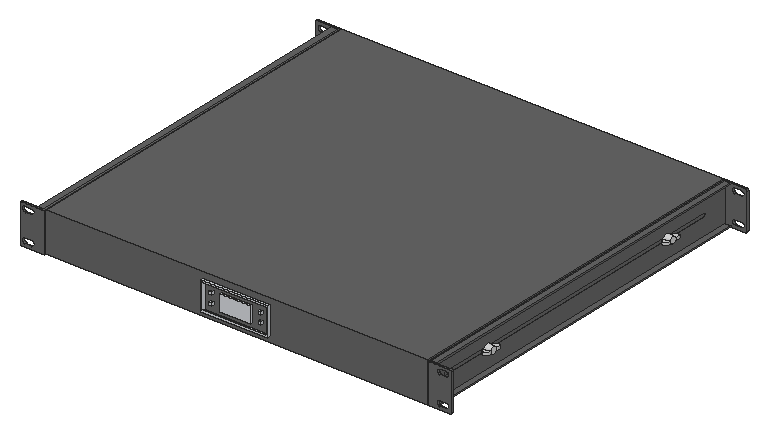
Revit family "Eurolan_Вентиляторная панель 19 1U с контроллером", category Устройства связи, Revit 2019 (continued)
Definition of nested family "Вентиляторная панель 19 1U 6 вентиляторов"
  Automatic sketch dimensions
    curve 141 to curve 145 = 1.873 mm
    curve 309 to curve 314 = 1.873 mm
    curve 143 to curve 171 = 1.873 mm
    curve 147 to curve 151 = 5.217 mm
    curve 339 to curve 341 = 5.217 mm
    curve 169 to curve 173 = 5.217 mm
    curve 315 to curve 319 = 5.217 mm
    curve 311 to curve 312 = 16.464 mm
    curve 146 to curve 141 = 14.591 mm
    curve 149 to curve 133 = 10.7 mm
    curve 173 to curve 164 = 10.7 mm
    curve 343 to curve 329 = 10.7 mm
    curve 319 to curve 301 = 10.7 mm
    curve 310 to curve 340 = 2.368 mm
    curve 319 to curve 313 = 11.741 mm
    curve 151 to curve 145 = 11.741 mm
    curve 174 to curve 169 = 11.741 mm
    curve 136 to curve 149 = 9.345 mm
    curve 330 to curve 341 = 9.345 mm
    curve 162 to curve 173 = 9.345 mm
    curve 316 to curve 320 = 8.304 mm
    curve 161 to curve 168 = 27.246 mm
    curve 329 to curve 336 = 27.246 mm
    curve 133 to curve 137 = 27.246 mm
    curve 304 to curve 308 = 27.246 mm
    curve 137 to curve 137 = 21.497 mm
    curve 168 to curve 167 = 21.497 mm
    curve 336 to curve 335 = 21.497 mm
    curve 308 to curve 307 = 21.497 mm
    curve 166 to curve 157 = 17.626 mm
    curve 306 to curve 297 = 17.626 mm
    curve 138 to curve 129 = 17.626 mm
    curve 335 to curve 326 = 17.626 mm
    curve 300 to curve 296 = 8.304 mm
    curve 130 to curve 128 = 8.304 mm
    curve 160 to curve 156 = 8.304 mm
    curve 326 to curve 324 = 8.304 mm
    curve 160 to curve 161 = 9.113 mm
    curve 325 to curve 330 = 9.113 mm
    curve 300 to curve 303 = 9.113 mm
    curve 129 to curve 135 = 9.113 mm
    curve 128 to curve 121 = 2.368 mm
    curve 322 to curve 292 = 2.368 mm
    curve 324 to curve 326 = 11.741 mm
    curve 302 to curve 297 = 10.932 mm
    curve 162 to curve 157 = 10.932 mm
    curve 135 to curve 131 = 10.932 mm
    curve 298 to curve 295 = 5.217 mm
    curve 158 to curve 155 = 5.217 mm
    curve 327 to curve 322 = 5.217 mm
    curve 130 to curve 127 = 5.217 mm
    curve 322 to curve 290 = 1.873 mm
    curve 154 to curve 123 = 1.873 mm
    plane 1 "По центру (Вперед/Назад)" to Extrusion 9 sketch curve = 0 mm
    Extrusion 9 sketch curve to plane 4 = 0 mm
    Extrusion 9 sketch curve to plane 5 = 0 mm
    plane 8 to Extrusion 9 sketch curve = 8.499 mm
    plane 1 "По центру (Вперед/Назад)" to Extrusion 10 sketch curve = 0 mm  (x2)
    Extrusion 10 sketch curve to plane 4 = 0 mm
    Extrusion 10 sketch curve to plane 8 = 0 mm
    Extrusion 10 sketch curve to plane 5 = 0 mm
    Extrusion 10 sketch curve to plane 1 "По центру (Вперед/Назад)" = 1.5 mm  (x2)
    plane 4 to Extrusion 10 sketch curve = 25.687 mm
    Extrusion 10 sketch curve to Extrusion 10 sketch curve = 1.496 mm  (x2)
    Extrusion 10 sketch curve to Extrusion 10 sketch curve = 27.183 mm
    Extrusion 10 sketch curve to plane 1 "По центру (Вперед/Назад)" = 0.843 mm
    Extrusion 10 sketch curve to Extrusion 10 sketch curve = 8.989 mm  (x2)
    plane 1 "По центру (Вперед/Назад)" to Extrusion 11 sketch curve = 2.287 mm
    Extrusion 11 sketch curve to plane 3 "По центру (Влево/Вправо)" = 37.5 mm
    plane 3 "По центру (Влево/Вправо)" to Extrusion 11 sketch curve = 37.5 mm
    Extrusion 11 sketch curve to plane 1 "По центру (Вперед/Назад)" = 0.843 mm
    Extrusion 12 sketch curve to level = 10 mm
    Extrusion 12 sketch curve to plane 5 = 87.631 mm
    Extrusion 12 sketch curve to Extrusion 12 sketch curve = 35 mm
    Extrusion 12 sketch curve to plane 6 = 10.157 mm
    Extrusion 13 sketch curve to plane 4 = 0 mm
    plane 8 to Extrusion 13 sketch curve = 0.843 mm
    Extrusion 13 sketch curve to plane 5 = 0 mm
    plane 8 to Extrusion 13 sketch curve = 1.5 mm  (x2)
    Extrusion 13 sketch curve to plane 4 = 25.687 mm
    Extrusion 13 sketch curve to plane 8 = 0 mm  (x2)
    Extrusion 13 sketch curve to Extrusion 13 sketch curve = 1.496 mm  (x2)
    Extrusion 13 sketch curve to Extrusion 13 sketch curve = 27.183 mm
    Extrusion 13 sketch curve to Extrusion 13 sketch curve = 8.989 mm  (x2)
    plane 1 "По центру (Вперед/Назад)" to Extrusion 13 sketch curve = 0 mm
    plane 7 to curve 6 = 4.325 mm
    curve 1 to curve 2 = 2 mm  (x2)
    plane 4 to curve 7 = 7.5 mm
    curve 7 to curve 8 = 2 mm  (x2)
    curve 8 to curve 7 = 2 mm  (x2)
    curve 2 to curve 1 = 2 mm  (x2)
    curve 3 to plane 5 = 11.713 mm
    curve 5 to curve 6 = 2 mm  (x2)
    curve 3 to curve 4 = 2 mm  (x2)
    curve 4 to curve 3 = 2 mm  (x2)
    curve 6 to curve 5 = 2 mm  (x2)
    plane 7 to curve 2 = 4.325 mm
    curve 4 to plane 6 = 8.325 mm
    curve 8 to plane 6 = 8.325 mm
    radius of Extrusion 8 sketch curve = 5 mm
  Nested families
    nested 1: "Уши_для_вентилятора_6" at (-232.5, 0, 0), type "Уши_для_вентилятора_6"
    nested 2: "Уши_для_вентилятора_6" at (232.5, 0, 0) x (-1, 0, 0) z (0, 0, 1), type "Уши_для_вентилятора_6"
  Definition of nested family "Уши_для_вентилятора_6"
    Parameters (values of type "Уши_для_вентилятора_6")
      Центровка = 31.75 mm
      Длина = 415.6 mm
      Глубина = 414.1 mm
      ADSK_Материал = none
    Reference planes
      plane 1 "По центру (Вперед/Назад)": y = 0
      plane 2: z = 0
      plane 3 "По центру (Влево/Вправо)": x = 0
      plane 4: y = 415.6
    Forms (mm)
      Extrusion 1, solid, material <- "ADSK_Материал", detail levels fine
        sketch origin (0, 0, 0) x (1, 0, 0) y (0, 0, 1)
          loop
            arc (-3.413, -12.675) -> (-6.613, -15.875) -> (-3.413, -19.075) r 3.2
            line (-3.413, -19.075) -> (2.987, -19.075)
            arc (2.987, -19.075) -> (6.187, -15.875) -> (2.987, -12.675) r 3.2
            line (2.987, -12.675) -> (-3.413, -12.675)
          loop
            line (-9.713, 20.2) -> (-9.713, -20.2)
            arc (-9.713, -20.2) -> (-9.127, -21.614) -> (-7.713, -22.2) r 2
            line (-7.713, -22.2) -> (17.47, -22.2) -> (17.47, 22.2) -> (-7.713, 22.2)
            arc (-7.713, 22.2) -> (-9.127, 21.614) -> (-9.713, 20.2) r 2
          loop
            line (-3.413, 12.675) -> (2.987, 12.675)
            arc (2.987, 12.675) -> (6.187, 15.875) -> (2.987, 19.075) r 3.2
            line (2.987, 19.075) -> (-3.413, 19.075)
            arc (-3.413, 19.075) -> (-6.613, 15.875) -> (-3.413, 12.675) r 3.2
        from -1.498 to 0
      Extrusion 2, solid, material <- "ADSK_Материал", detail levels fine
        sketch origin (0, 0, 0) x (1, 0, 0) y (0, 0, 1)
          loop
            line (15.974, 22.2) -> (15.974, -22.2) -> (17.47, -22.2) -> (17.47, 22.2) -> (15.974, 22.2)
        from -414.1 to 0
      Extrusion 3, void
        sketch origin (0, 0, 0) x (0, 1, 0) y (0, 0, 1)
          loop
            arc (22.921, 2.634) -> (20.287, 0) -> (22.921, -2.634) r 2.634
            line (22.921, -2.634) -> (385.185, -2.634)
            arc (385.185, -2.634) -> (387.819, 0) -> (385.185, 2.634) r 2.634
            line (385.185, 2.634) -> (22.921, 2.634)
        from 15.974 to 17.47
      Extrusion 4, solid, material <- "ADSK_Материал", detail levels fine
        sketch origin (0, 414.1, 0) x (1, 0, 0) y (0, 0, -1)
          loop
            line (-3.413, 12.675) -> (2.987, 12.675)
            arc (2.987, 12.675) -> (6.187, 15.875) -> (2.987, 19.075) r 3.2
            line (2.987, 19.075) -> (-3.413, 19.075)
            arc (-3.413, 19.075) -> (-6.613, 15.875) -> (-3.413, 12.675) r 3.2
          loop
            arc (-9.713, -20.2) -> (-9.127, -21.614) -> (-7.713, -22.2) r 2
            line (-7.713, -22.2) -> (17.47, -22.2) -> (17.47, 22.2) -> (-7.713, 22.2)
            arc (-7.713, 22.2) -> (-9.127, 21.614) -> (-9.713, 20.2) r 2
            line (-9.713, 20.2) -> (-9.713, -20.2)
          loop
            arc (-3.413, -12.675) -> (-6.613, -15.875) -> (-3.413, -19.075) r 3.2
            line (-3.413, -19.075) -> (2.987, -19.075)
            arc (2.987, -19.075) -> (6.187, -15.875) -> (2.987, -12.675) r 3.2
            line (2.987, -12.675) -> (-3.413, -12.675)
        from 0 to 1.5
      Blend 5, solid, detail levels fine
        base sketch origin (0, 11.519, 0) x (0, 1, 0) y (0, 0, 1)
          loop
            circle (69.578, 0) r 5
        top sketch origin (0, 11.519, 0) x (0, 1, 0) y (0, 0, 1)
          loop
            circle (69.576, 0.057) r 3.328
        from 15.974 to 8.702
      Extrusion 6, solid, detail levels fine
        sketch origin (0, 0, 0) x (1, 0, 0) y (0, 1, 0)
          loop
            arc (14.25, 85.039) -> (10.561, 91.217) -> (10.204, 84.03) r 3.759
            line (10.204, 84.03) -> (14.25, 85.039)
          loop
            line (14.286, 77.295) -> (10.24, 78.304)
            arc (10.24, 78.304) -> (10.568, 71.002) -> (14.286, 77.295) r 3.813
        from -1.018 to 1.014
      Blend 7, solid, detail levels fine
        base sketch origin (0, 402.581, 0) x (0, -1, 0) y (0, 0, -1)
          loop
            circle (69.578, 0) r 5
        top sketch origin (0, 402.581, 0) x (0, -1, 0) y (0, 0, -1)
          loop
            circle (69.576, -0.057) r 3.328
        from 15.974 to 8.702
      Extrusion 8, solid, detail levels fine
        sketch origin (0, 414.1, 0) x (1, 0, 0) y (0, 1, 0)
          loop
            line (14.25, -85.039) -> (10.204, -84.03)
            arc (10.204, -84.03) -> (10.561, -91.217) -> (14.25, -85.039) r 3.759
          loop
            arc (14.286, -77.295) -> (10.568, -71.002) -> (10.24, -78.304) r 3.813
            line (10.24, -78.304) -> (14.286, -77.295)
        from -1.018 to 1.014
      Extrusion 9, solid, material <- "ADSK_Материал", detail levels fine
        sketch origin (0, 0, 0) x (1, 0, 0) y (0, 0, 1)
          loop
            line (8.733, 22.2) -> (8.733, 20.7) -> (17.47, 20.7) -> (17.47, 22.2) -> (8.733, 22.2)
          loop
            line (8.733, -22.2) -> (17.47, -22.2) -> (17.47, -20.7) -> (8.733, -20.7) -> (8.733, -22.2)
        from -414.1 to -1.498
    Cuts and joins
      Extrusion 3 cuts Extrusion 1
      Extrusion 3 cuts Extrusion 2
      joined: Extrusion 1, Extrusion 2
    Dimensions and locks
      "Глубина": cut or joined group of Extrusion 1, Extrusion 2, Extrusion 3 to plane 1 "По центру (Вперед/Назад)"
      cut or joined group of Extrusion 1, Extrusion 2, Extrusion 3 to cut or joined group of Extrusion 1, Extrusion 2, Extrusion 3 = 1.496 mm
      "Длина": plane 4 to plane 1 "По центру (Вперед/Назад)"
      aligned and locked: level to plane 2
      aligned and locked: Extrusion 2 to Extrusion 3
      aligned and locked: Blend 5 to cut or joined group of Extrusion 1, Extrusion 2, Extrusion 3
      aligned and locked: Extrusion 9 to cut or joined group of Extrusion 1, Extrusion 2, Extrusion 3
    Automatic sketch dimensions
      Extrusion 1 sketch curve to plane 3 "По центру (Влево/Вправо)" = 9.713 mm
      Extrusion 1 sketch curve to Extrusion 1 sketch curve = 2 mm  (x2)
      Extrusion 1 sketch curve to plane 3 "По центру (Влево/Вправо)" = 3.413 mm  (x2)
      plane 3 "По центру (Влево/Вправо)" to Extrusion 1 sketch curve = 2.987 mm  (x2)
      Extrusion 1 sketch curve to Extrusion 1 sketch curve = 14.483 mm
      Extrusion 1 sketch curve to level = 22.2 mm
      Extrusion 1 sketch curve to Extrusion 1 sketch curve = 1.125 mm  (x2)
      Extrusion 1 sketch curve to Extrusion 1 sketch curve = 3.2 mm  (x2)
      level to Extrusion 1 sketch curve = 12.675 mm
      plane 3 "По центру (Влево/Вправо)" to Extrusion 2 sketch curve = 15.974 mm
      Extrusion 2 sketch curve to Extrusion 2 sketch curve = 1.496 mm
      Extrusion 2 sketch curve to level = 22.2 mm
      level to Extrusion 2 sketch curve = 22.2 mm
      Extrusion 3 sketch curve to level = 0 mm
      level to Extrusion 3 sketch curve = 2.634 mm
      Extrusion 3 sketch curve to plane 1 "По центру (Вперед/Назад)" = 22.921 mm
      Extrusion 3 sketch curve to plane 4 = 30.415 mm
      Extrusion 4 sketch curve to plane 3 "По центру (Влево/Вправо)" = 9.713 mm
      Extrusion 4 sketch curve to Extrusion 4 sketch curve = 2 mm  (x2)
      Extrusion 4 sketch curve to plane 3 "По центру (Влево/Вправо)" = 3.413 mm  (x2)
      plane 3 "По центру (Влево/Вправо)" to Extrusion 4 sketch curve = 2.987 mm  (x2)
      Extrusion 4 sketch curve to Extrusion 4 sketch curve = 14.483 mm
      level to Extrusion 4 sketch curve = 22.2 mm
      Extrusion 4 sketch curve to Extrusion 4 sketch curve = 1.125 mm  (x2)
      Extrusion 4 sketch curve to Extrusion 4 sketch curve = 3.2 mm  (x2)
      Extrusion 4 sketch curve to level = 12.675 mm
      Blend 5 sketch curve to level = 0 mm
      Blend 5 sketch curve to plane 1 "По центру (Вперед/Назад)" = 81.096 mm
      level to Blend 5 sketch curve = 0.057 mm
      Blend 5 sketch curve to plane 1 "По центру (Вперед/Назад)" = 81.095 mm
      plane 3 "По центру (Влево/Вправо)" to Extrusion 6 sketch curve = 10.204 mm
      Extrusion 6 sketch curve to Extrusion 6 sketch curve = 0.036 mm
      Extrusion 6 sketch curve to Extrusion 6 sketch curve = 1.266 mm
      Extrusion 6 sketch curve to Extrusion 6 sketch curve = 1.251 mm
      Extrusion 6 sketch curve to Extrusion 6 sketch curve = 2.78 mm
      Extrusion 6 sketch curve to Extrusion 6 sketch curve = 2.795 mm
      Extrusion 6 sketch curve to plane 1 "По центру (Вперед/Назад)" = 74.702 mm
      Extrusion 6 sketch curve to Extrusion 6 sketch curve = 2.594 mm
      Extrusion 6 sketch curve to Extrusion 6 sketch curve = 5.726 mm
      Extrusion 6 sketch curve to Extrusion 6 sketch curve = 1.009 mm
      Blend 7 sketch curve to level = 0 mm
      plane 4 to Blend 7 sketch curve = 82.596 mm
      Blend 7 sketch curve to level = 0.057 mm
      plane 4 to Blend 7 sketch curve = 82.595 mm
      Extrusion 8 sketch curve to plane 3 "По центру (Влево/Вправо)" = 10.204 mm
      Extrusion 8 sketch curve to Extrusion 8 sketch curve = 0.036 mm
      Extrusion 8 sketch curve to Extrusion 8 sketch curve = 1.266 mm
      Extrusion 8 sketch curve to Extrusion 8 sketch curve = 1.251 mm
      Extrusion 8 sketch curve to Extrusion 8 sketch curve = 2.78 mm
      Extrusion 8 sketch curve to Extrusion 8 sketch curve = 2.795 mm
      plane 4 to Extrusion 8 sketch curve = 76.202 mm
      Extrusion 8 sketch curve to Extrusion 8 sketch curve = 2.594 mm
      Extrusion 8 sketch curve to Extrusion 8 sketch curve = 5.726 mm
      Extrusion 8 sketch curve to Extrusion 8 sketch curve = 1.009 mm
      plane 3 "По центру (Влево/Вправо)" to Extrusion 9 sketch curve = 8.733 mm  (x2)
      Extrusion 9 sketch curve to Extrusion 9 sketch curve = 8.737 mm  (x2)
      Extrusion 9 sketch curve to level = 22.2 mm
      Extrusion 9 sketch curve to Extrusion 9 sketch curve = 1.5 mm  (x2)
      level to Extrusion 9 sketch curve = 20.7 mm
      radius of Blend 5 sketch curve = 5 mm
      radius of Blend 5 sketch curve = 3.328 mm
      radius of Blend 7 sketch curve = 5 mm
      radius of Blend 7 sketch curve = 3.328 mm
Types (3, lengths in mm): name | Выбор_геометрии | ADSK_Наименование | ADSK_Масса | ADSK_Код изделия
  (no name) | Вентиляторная панель 19 1U 6 вентиляторов : Вентиляторная панель 19 1U 6 вентиляторов | "Вентиляторная панель 19\" 1U, 6 вентиляторов, с контроллером" | 8.5 | "60A-91-11-30BL"
  Вентиляторная панель 19" 1U_3 вентилятора | Вентиляторная панель 19 1U 3 вентилятора : Вентиляторная панель 19 1U 3 вентилятора | "Вентиляторная панель 19\" 1U, 3 вентилятора, с контроллером" | 4.5 | "60A-91-10-30BL"
  Вентиляторная панель 19" 1U_6 вентиляторов | Вентиляторная панель 19 1U 6 вентиляторов : Вентиляторная панель 19 1U 6 вентиляторов | "Вентиляторная панель 19\" 1U, 6 вентиляторов, с контроллером" | 8.5 | "60A-91-11-30BL"
